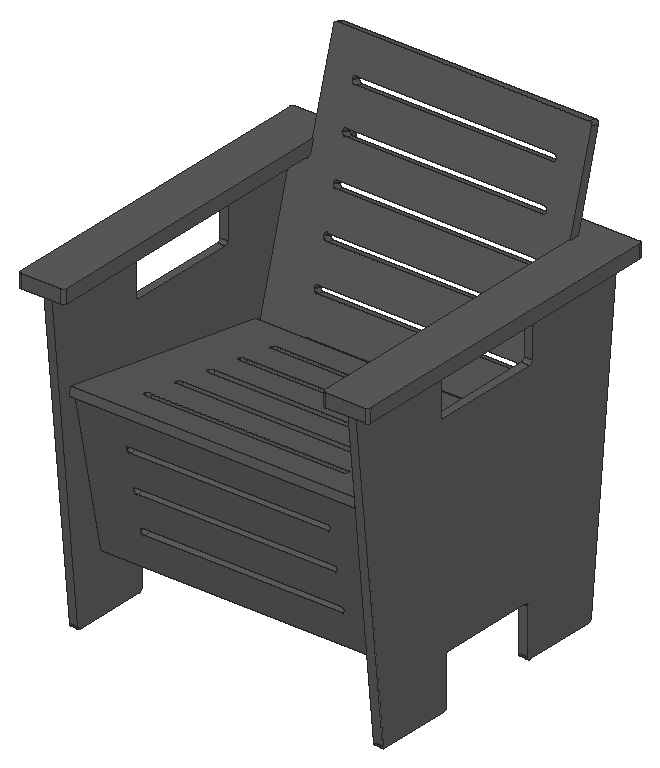
Revit family "Lollygagger Go Club Chair", category Furniture, Revit 2016
Family settings
  OmniClass Number = 23.40.20.00
  OmniClass Title = General Furniture and Specialties
  Work Plane-Based = No
  Always vertical = Yes
  Cut with Voids When Loaded = No
  Shared = No
  Room Calculation Point = No
Parameters (values of type "Loll-Black")
  Width = 2' - 2"  # constant formula
  URL = "https://lolldesigns.com/"
  Type Image = go_club chair.jpg
  Thick = 0' - 1"  # constant formula
  Model = ""
  Manufacturer = "Loll"  # constant formula
  Length = 2' - 2 5/8"  # constant formula
  Height Top = 2' - 1"  # constant formula
  Finish Material = Loll-Black
  Apron = 1' - 8"  # constant formula
Reference planes (in)
  plane 1 "Center Front/Back": y = 0
  plane 2: z = 0
  plane 3 "Center Left/Right": x = 0
  plane 4: z = 25
  plane 5: z = 24
  plane 6: y = 13
  plane 7: y = -13
  plane 8: z = 4
  plane 9: x = -13.3125
  plane 10: x = 13.3125
  plane 11: y = 9.97754
  plane 12: y = -9.97778
  plane 13: x = 11.875
  plane 14: x = 11.25
  plane 15: x = -11.875
  plane 16: x = -11.25
  plane 17: x = -9.8125
  plane 18: x = 9.8125
  plane 19: through (-60.54339, -180.30144, 46.90656) normal (0, 0.1736, 0.9848)
  plane 20: through (-60.54339, -180.40997, 46.29106) normal (0, 0.1736, 0.9848)
  plane 21: through (0, 12.64166, 32.11792) normal (0, -0.9613, 0.2756)
  plane 22: through (0, 13.24245, 31.94564) normal (0, -0.9613, 0.2756)
Forms (in)
  Extrusion 1, solid, material "Loll-Black" <- "Finish Material"
    sketch origin (8.0625, 0.28155, 0) x (1, 0, 0) y (0, 1, 0)
      loop
        arc (-21.1258, 12.71845) -> (-21.30201, 12.64546) -> (-21.375, 12.46925) r 0.2492
        line (-21.375, 12.46925) -> (-21.375, -13.03428)
        arc (-21.375, -13.03428) -> (-21.30258, -13.20912) -> (-21.12773, -13.28155) r 0.24727
        line (-21.12773, -13.28155) -> (-18.12227, -13.28155)
        arc (-18.12227, -13.28155) -> (-17.94742, -13.20912) -> (-17.875, -13.03428) r 0.24727
        line (-17.875, -13.03428) -> (-17.875, 10.72442)
        arc (-17.875, 10.72442) -> (-17.80178, 10.9012) -> (-17.625, 10.97442) r 0.25
        line (-17.625, 10.97442) -> (-16.625, 10.97442)
        arc (-16.625, 10.97442) -> (-16.44822, 11.04765) -> (-16.375, 11.22442) r 0.25
        line (-16.375, 11.22442) -> (-16.375, 12.46925)
        arc (-16.375, 12.46925) -> (-16.44799, 12.64546) -> (-16.6242, 12.71845) r 0.2492
        line (-16.6242, 12.71845) -> (-21.1258, 12.71845)
    from 24 to 25
  Extrusion 2, solid, material "Loll-Black" <- "Finish Material"
    sketch origin (0, 0, 0) x (0, 1, 0) y (0, 0, 1)
      loop
        arc (3.62002, 4) -> (3.80119, 3.92496) -> (3.87623, 3.74379) r 0.25621
        line (3.87623, 3.74379) -> (3.87623, 0.25097)
        arc (3.87623, 0.25097) -> (3.94973, 0.07351) -> (4.12719, 0) r 0.25097
        line (4.12719, 0) -> (9.65095, 0)
        arc (9.65095, 0) -> (9.82145, 0.06716) -> (9.90034, 0.23256) r 0.25
        line (9.90034, 0.23256) -> (12.375, 24) -> (4.37245, 24) -> (4.37245, 20.25)
        arc (4.37245, 20.25) -> (4.29923, 20.07322) -> (4.12245, 20) r 0.25
        line (4.12245, 20) -> (-4.12245, 20)
        arc (-4.12245, 20) -> (-4.29923, 20.07322) -> (-4.37245, 20.25) r 0.25
        line (-4.37245, 20.25) -> (-4.37245, 24) -> (-12.375, 24) -> (-9.90058, 0.23256)
        arc (-9.90058, 0.23256) -> (-9.82169, 0.06716) -> (-9.65119, 0) r 0.25
        line (-9.65119, 0) -> (-4.12444, 0)
        arc (-4.12444, 0) -> (-3.94893, 0.0727) -> (-3.87623, 0.24822) r 0.24822
        line (-3.87623, 0.24822) -> (-3.87623, 3.75027)
        arc (-3.87623, 3.75027) -> (-3.80308, 3.92686) -> (-3.6265, 4) r 0.24973
        line (-3.6265, 4) -> (3.62002, 4)
    from 11.25 to 11.875
  Extrusion 3, solid, material "Loll-Black" <- "Finish Material"
    sketch origin (-10.5, 0, 0) x (0, 1, 0) y (0, 0, 1)
      loop
        arc (3.62623, 4) -> (3.803, 3.92678) -> (3.87623, 3.75) r 0.25
        line (3.87623, 3.75) -> (3.87623, 0.25)
        arc (3.87623, 0.25) -> (3.94945, 0.07322) -> (4.12623, 0) r 0.25
        line (4.12623, 0) -> (9.65095, 0)
        arc (9.65095, 0) -> (9.82145, 0.06716) -> (9.90034, 0.23256) r 0.25
        line (9.90034, 0.23256) -> (12.375, 24) -> (4.37245, 24) -> (4.37245, 20.25)
        arc (4.37245, 20.25) -> (4.29923, 20.07322) -> (4.12245, 20) r 0.25
        line (4.12245, 20) -> (-4.12245, 20)
        arc (-4.12245, 20) -> (-4.29923, 20.07322) -> (-4.37245, 20.25) r 0.25
        line (-4.37245, 20.25) -> (-4.37245, 24) -> (-12.375, 24) -> (-9.90058, 0.23256)
        arc (-9.90058, 0.23256) -> (-9.82169, 0.06716) -> (-9.65119, 0) r 0.25
        line (-9.65119, 0) -> (-4.12623, 0)
        arc (-4.12623, 0) -> (-3.94945, 0.07322) -> (-3.87623, 0.25) r 0.25
        line (-3.87623, 0.25) -> (-3.87623, 3.75)
        arc (-3.87623, 3.75) -> (-3.803, 3.92678) -> (-3.62623, 4) r 0.25
        line (-3.62623, 4) -> (3.62623, 4)
    from -1.375 to -0.75
  Extrusion 4, solid, material "Loll-Black" <- "Finish Material"
    sketch origin (0, -9.06502, 9.31578) x (0, 0.207912, -0.978148) y (-1, 0, 0)
      loop
        line (4.90445, 11.25) -> (-7.10154, 11.25) -> (-7.10154, -11.25) -> (4.90445, -11.25) -> (4.90445, 11.25)
      loop
        arc (-0.8143, 7.4375) -> (-0.88752, 7.61428) -> (-1.0643, 7.6875) r 0.25
        line (-1.0643, 7.6875) -> (-1.10232, 7.6875)
        arc (-1.10232, 7.6875) -> (-1.2964, 7.60711) -> (-1.3768, 7.41302) r 0.27448
        line (-1.3768, 7.41302) -> (-1.3768, -7.5625)
        arc (-1.3768, -7.5625) -> (-1.30357, -7.73928) -> (-1.1268, -7.8125) r 0.25
        line (-1.1268, -7.8125) -> (-1.08954, -7.8125)
        arc (-1.08954, -7.8125) -> (-0.89491, -7.73188) -> (-0.8143, -7.53725) r 0.27525
        line (-0.8143, -7.53725) -> (-0.8143, 7.4375)
      loop
        arc (-3.95492, 7.4375) -> (-4.02814, 7.61428) -> (-4.20492, 7.6875) r 0.25
        line (-4.20492, 7.6875) -> (-4.24294, 7.6875)
        arc (-4.24294, 7.6875) -> (-4.43703, 7.60711) -> (-4.51742, 7.41302) r 0.27448
        line (-4.51742, 7.41302) -> (-4.51742, -7.5625)
        arc (-4.51742, -7.5625) -> (-4.4442, -7.73928) -> (-4.26742, -7.8125) r 0.25
        line (-4.26742, -7.8125) -> (-4.23017, -7.8125)
        arc (-4.23017, -7.8125) -> (-4.03554, -7.73188) -> (-3.95492, -7.53725) r 0.27525
        line (-3.95492, -7.53725) -> (-3.95492, 7.4375)
      loop
        line (2.05831, 7.6875) -> (1.97719, 7.6875)
        arc (1.97719, 7.6875) -> (1.82632, 7.62501) -> (1.76383, 7.47414) r 0.21336
        line (1.76383, 7.47414) -> (1.76383, -7.53372)
        arc (1.76383, -7.53372) -> (1.84548, -7.73085) -> (2.04261, -7.8125) r 0.27878
        line (2.04261, -7.8125) -> (2.07633, -7.8125)
        arc (2.07633, -7.8125) -> (2.25311, -7.73928) -> (2.32633, -7.5625) r 0.25
        line (2.32633, -7.5625) -> (2.32633, 7.41948)
        arc (2.32633, 7.41948) -> (2.24783, 7.609) -> (2.05831, 7.6875) r 0.26802
    from 0.86824 to 0.24324
  Extrusion 5, solid, material "Loll-Black" <- "Finish Material"
    sketch origin (-11.25, -0.70915, 13.53618) x (0, 0.213226, -0.977003) y (0, 0.977003, 0.213226)
      loop
        line (-2.24921, -8.18997) -> (4.75089, -8.18997) -> (4.75451, -7.52421)
        arc (4.75451, -7.52421) -> (4.50065, -6.9018) -> (3.88105, -6.6412) r 0.87825
        line (3.88105, -6.6412) -> (-1.36513, -6.61268)
        arc (-1.36513, -6.61268) -> (-1.98559, -6.86574) -> (-2.24537, -7.4834) r 0.8755
        line (-2.24537, -7.4834) -> (-2.24921, -8.18997)
      loop
        circle (-0.74227, -7.2394) r 0.15567
      loop
        circle (3.25767, -7.26114) r 0.15567
    from 0 to 0.625
  Extrusion 6, solid, material "Loll-Black" <- "Finish Material"
    sketch origin (-11.5, 5.46875, 16) x (1, 0, 0) y (0, -1, 0)
      loop
        line (0.44239, 15.2162) -> (-0.55971, 15.2162)
        arc (-0.55971, 15.2162) -> (-1.1804, 14.9591) -> (-1.4375, 14.33841) r 0.87779
        line (-1.4375, 14.33841) -> (-1.4375, 13.33174)
        arc (-1.4375, 13.33174) -> (-1.18399, 12.71971) -> (-0.57196, 12.4662) r 0.86554
        line (-0.57196, 12.4662) -> (0.44086, 12.4662)
        arc (0.44086, 12.4662) -> (1.0572, 12.7215) -> (1.3125, 13.33784) r 0.87164
        line (1.3125, 13.33784) -> (1.3125, 14.34609)
        arc (1.3125, 14.34609) -> (1.05765, 14.96135) -> (0.44239, 15.2162) r 0.87011
      loop
        circle (0.81039, 13.83944) r 0.15388
      loop
        circle (-0.93539, 13.83944) r 0.15388
    from -8 to -7.75
  Extrusion 7, solid, material "Loll-Black" <- "Finish Material"
    sketch origin (-8.0625, 0.28155, 0) x (-1, 0, 0) y (0, -1, 0)
      loop
        line (-21.1258, -12.71845) -> (-16.6242, -12.71845)
        arc (-16.6242, -12.71845) -> (-16.44799, -12.64546) -> (-16.375, -12.46925) r 0.2492
        line (-16.375, -12.46925) -> (-16.375, -11.22442)
        arc (-16.375, -11.22442) -> (-16.44822, -11.04765) -> (-16.625, -10.97442) r 0.25
        line (-16.625, -10.97442) -> (-17.625, -10.97442)
        arc (-17.625, -10.97442) -> (-17.80178, -10.9012) -> (-17.875, -10.72442) r 0.25
        line (-17.875, -10.72442) -> (-17.875, 13.03428)
        arc (-17.875, 13.03428) -> (-17.94742, 13.20912) -> (-18.12227, 13.28155) r 0.24727
        line (-18.12227, 13.28155) -> (-21.12773, 13.28155)
        arc (-21.12773, 13.28155) -> (-21.30258, 13.20912) -> (-21.375, 13.03428) r 0.24727
        line (-21.375, 13.03428) -> (-21.375, -12.46925)
        arc (-21.375, -12.46925) -> (-21.30201, -12.64546) -> (-21.1258, -12.71845) r 0.2492
    from 24 to 25
  Extrusion 8, solid, material "Loll-Black" <- "Finish Material"
    sketch origin (21.6575, -11.94341, 4.54353) x (1, 0, 0) y (0, 0.984808, -0.173648)
      loop
        line (-32.9075, 16.82099) -> (-32.9075, -0.92901) -> (-10.4075, -0.92901) -> (-10.4075, 16.82099) -> (-32.9075, 16.82099)
      loop
        line (-14.1575, 2.12307) -> (-29.1575, 2.12307)
        arc (-29.1575, 2.12307) -> (-29.33428, 2.04985) -> (-29.4075, 1.87307) r 0.25
        line (-29.4075, 1.87307) -> (-29.4075, 1.81057)
        arc (-29.4075, 1.81057) -> (-29.33428, 1.6338) -> (-29.1575, 1.56057) r 0.25
        line (-29.1575, 1.56057) -> (-14.1575, 1.56057)
        arc (-14.1575, 1.56057) -> (-13.98072, 1.6338) -> (-13.9075, 1.81057) r 0.25
        line (-13.9075, 1.81057) -> (-13.9075, 1.87307)
        arc (-13.9075, 1.87307) -> (-13.98072, 2.04985) -> (-14.1575, 2.12307) r 0.25
      loop
        line (-29.1575, 4.61266) -> (-14.1575, 4.61266)
        arc (-14.1575, 4.61266) -> (-13.98072, 4.68588) -> (-13.9075, 4.86266) r 0.25
        line (-13.9075, 4.86266) -> (-13.9075, 4.92516)
        arc (-13.9075, 4.92516) -> (-13.98072, 5.10193) -> (-14.1575, 5.17516) r 0.25
        line (-14.1575, 5.17516) -> (-29.1575, 5.17516)
        arc (-29.1575, 5.17516) -> (-29.33428, 5.10193) -> (-29.4075, 4.92516) r 0.25
        line (-29.4075, 4.92516) -> (-29.4075, 4.86266)
        arc (-29.4075, 4.86266) -> (-29.33428, 4.68588) -> (-29.1575, 4.61266) r 0.25
      loop
        line (-29.1575, 7.66474) -> (-14.1575, 7.66474)
        arc (-14.1575, 7.66474) -> (-13.98072, 7.73796) -> (-13.9075, 7.91474) r 0.25
        line (-13.9075, 7.91474) -> (-13.9075, 7.97724)
        arc (-13.9075, 7.97724) -> (-13.98072, 8.15402) -> (-14.1575, 8.22724) r 0.25
        line (-14.1575, 8.22724) -> (-29.1575, 8.22724)
        arc (-29.1575, 8.22724) -> (-29.33428, 8.15402) -> (-29.4075, 7.97724) r 0.25
        line (-29.4075, 7.97724) -> (-29.4075, 7.91474)
        arc (-29.4075, 7.91474) -> (-29.33428, 7.73796) -> (-29.1575, 7.66474) r 0.25
      loop
        line (-29.1575, 10.71682) -> (-14.1575, 10.71682)
        arc (-14.1575, 10.71682) -> (-13.98072, 10.79005) -> (-13.9075, 10.96682) r 0.25
        line (-13.9075, 10.96682) -> (-13.9075, 11.02932)
        arc (-13.9075, 11.02932) -> (-13.98072, 11.2061) -> (-14.1575, 11.27932) r 0.25
        line (-14.1575, 11.27932) -> (-29.1575, 11.27932)
        arc (-29.1575, 11.27932) -> (-29.33428, 11.2061) -> (-29.4075, 11.02932) r 0.25
        line (-29.4075, 11.02932) -> (-29.4075, 10.96682)
        arc (-29.4075, 10.96682) -> (-29.33428, 10.79005) -> (-29.1575, 10.71682) r 0.25
      loop
        line (-29.1575, 13.76891) -> (-14.1575, 13.76891)
        arc (-14.1575, 13.76891) -> (-13.98072, 13.84213) -> (-13.9075, 14.01891) r 0.25
        line (-13.9075, 14.01891) -> (-13.9075, 14.08141)
        arc (-13.9075, 14.08141) -> (-13.98072, 14.25818) -> (-14.1575, 14.33141) r 0.25
        line (-14.1575, 14.33141) -> (-29.1575, 14.33141)
        arc (-29.1575, 14.33141) -> (-29.33428, 14.25818) -> (-29.4075, 14.08141) r 0.25
        line (-29.4075, 14.08141) -> (-29.4075, 14.01891)
        arc (-29.4075, 14.01891) -> (-29.33428, 13.84213) -> (-29.1575, 13.76891) r 0.25
    from 11.85938 to 12.48438
  Extrusion 9, solid, material "Loll-Black" <- "Finish Material"
    sketch origin (-11.25, -1.5025, 12.43328) x (0, -0.275637, -0.961262) y (0, 0.961262, -0.275637)
      loop
        line (-2.24911, 8.17041) -> (-2.24527, 7.46448)
        arc (-2.24527, 7.46448) -> (-1.98548, 6.84682) -> (-1.36503, 6.59376) r 0.8755
        line (-1.36503, 6.59376) -> (3.88115, 6.62228)
        arc (3.88115, 6.62228) -> (4.50076, 6.88288) -> (4.75461, 7.50529) r 0.87825
        line (4.75461, 7.50529) -> (4.75099, 8.17041) -> (-2.24911, 8.17041)
      loop
        circle (-0.74227, 7.2394) r 0.15567
      loop
        circle (3.25767, 7.26114) r 0.15567
    from 0 to 0.625
  Extrusion 10, solid, material "Loll-Black" <- "Finish Material"
    sketch origin (-11.25, -2.25088, 6.54989) x (0, -0.984808, 0.173648) y (0, -0.173648, -0.984808)
      loop
        line (-2.24382, -8.20041) -> (4.75628, -8.20041) -> (4.7597, -7.57211)
        arc (4.7597, -7.57211) -> (4.50585, -6.94971) -> (3.88624, -6.6891) r 0.87825
        line (3.88624, -6.6891) -> (-1.35994, -6.66058)
        arc (-1.35994, -6.66058) -> (-1.98039, -6.91364) -> (-2.24018, -7.53131) r 0.8755
        line (-2.24018, -7.53131) -> (-2.24382, -8.20041)
      loop
        circle (-0.73698, -7.2694) r 0.15567
      loop
        circle (3.26296, -7.29114) r 0.15567
    from 0 to 0.625
  Extrusion 11, solid, material "Loll-Black" <- "Finish Material"
    sketch origin (-11.5, 21.33866, 16) x (1, 0, 0) y (0, -1, 0)
      loop
        line (0.44239, 15.2162) -> (-0.55971, 15.2162)
        arc (-0.55971, 15.2162) -> (-1.1804, 14.9591) -> (-1.4375, 14.33841) r 0.87779
        line (-1.4375, 14.33841) -> (-1.4375, 13.33174)
        arc (-1.4375, 13.33174) -> (-1.18399, 12.71971) -> (-0.57196, 12.4662) r 0.86554
        line (-0.57196, 12.4662) -> (0.44086, 12.4662)
        arc (0.44086, 12.4662) -> (1.0572, 12.7215) -> (1.3125, 13.33784) r 0.87164
        line (1.3125, 13.33784) -> (1.3125, 14.34609)
        arc (1.3125, 14.34609) -> (1.05765, 14.96135) -> (0.44239, 15.2162) r 0.87011
      loop
        circle (0.81039, 13.83944) r 0.15388
      loop
        circle (-0.93539, 13.83944) r 0.15388
    from -8 to -7.75
  Extrusion 12, solid, material "Loll-Black" <- "Finish Material"
    sketch origin (11.5, 5.46875, 16) x (1, 0, 0) y (0, -1, 0)
      loop
        arc (-0.44239, 15.2162) -> (-1.05765, 14.96135) -> (-1.3125, 14.34609) r 0.87011
        line (-1.3125, 14.34609) -> (-1.3125, 13.33784)
        arc (-1.3125, 13.33784) -> (-1.0572, 12.7215) -> (-0.44086, 12.4662) r 0.87164
        line (-0.44086, 12.4662) -> (0.57196, 12.4662)
        arc (0.57196, 12.4662) -> (1.18399, 12.71971) -> (1.4375, 13.33174) r 0.86554
        line (1.4375, 13.33174) -> (1.4375, 14.33841)
        arc (1.4375, 14.33841) -> (1.1804, 14.9591) -> (0.55971, 15.2162) r 0.87779
        line (0.55971, 15.2162) -> (-0.44239, 15.2162)
      loop
        circle (-0.81039, 13.83944) r 0.15388
      loop
        circle (0.93539, 13.83944) r 0.15388
    from -8 to -7.75
  Extrusion 13, solid, material "Loll-Black" <- "Finish Material"
    sketch origin (11.5, 21.33866, 16) x (1, 0, 0) y (0, -1, 0)
      loop
        arc (-0.44239, 15.2162) -> (-1.05765, 14.96135) -> (-1.3125, 14.34609) r 0.87011
        line (-1.3125, 14.34609) -> (-1.3125, 13.33784)
        arc (-1.3125, 13.33784) -> (-1.0572, 12.7215) -> (-0.44086, 12.4662) r 0.87164
        line (-0.44086, 12.4662) -> (0.57196, 12.4662)
        arc (0.57196, 12.4662) -> (1.18399, 12.71971) -> (1.4375, 13.33174) r 0.86554
        line (1.4375, 13.33174) -> (1.4375, 14.33841)
        arc (1.4375, 14.33841) -> (1.1804, 14.9591) -> (0.55971, 15.2162) r 0.87779
        line (0.55971, 15.2162) -> (-0.44239, 15.2162)
      loop
        circle (-0.81039, 13.83944) r 0.15388
      loop
        circle (0.93539, 13.83944) r 0.15388
    from -8 to -7.75
  Extrusion 14, solid, material "Loll-Black" <- "Finish Material"
    sketch origin (0, 5.96335, 5.67793) x (0, -0.275637, -0.961262) y (1, 0, 0)
      loop
        line (1.74346, -11.25) -> (1.74346, 11.25) -> (-18.54654, 11.25) -> (-18.54654, 9.8125) -> (-27.00654, 9.8125)
        arc (-27.00654, 9.8125) -> (-27.18332, 9.73928) -> (-27.25654, 9.5625) r 0.25
        line (-27.25654, 9.5625) -> (-27.25654, -9.5625)
        arc (-27.25654, -9.5625) -> (-27.18332, -9.73928) -> (-27.00654, -9.8125) r 0.25
        line (-27.00654, -9.8125) -> (-18.54654, -9.8125) -> (-18.54654, -11.25) -> (1.74346, -11.25)
      loop
        line (-4.82598, 7.47036) -> (-4.82598, -7.5)
        arc (-4.82598, -7.5) -> (-4.75276, -7.67678) -> (-4.57598, -7.75) r 0.25
        line (-4.57598, -7.75) -> (-4.51348, -7.75)
        arc (-4.51348, -7.75) -> (-4.33671, -7.67678) -> (-4.26348, -7.5) r 0.25
        line (-4.26348, -7.5) -> (-4.26348, 7.5)
        arc (-4.26348, 7.5) -> (-4.33671, 7.67678) -> (-4.51348, 7.75) r 0.25
        line (-4.51348, 7.75) -> (-4.54634, 7.75)
        arc (-4.54634, 7.75) -> (-4.74408, 7.66809) -> (-4.82598, 7.47036) r 0.27964
      loop
        line (-1.54126, 7.47201) -> (-1.54126, -7.5)
        arc (-1.54126, -7.5) -> (-1.46804, -7.67678) -> (-1.29126, -7.75) r 0.25
        line (-1.29126, -7.75) -> (-1.22876, -7.75)
        arc (-1.22876, -7.75) -> (-1.05198, -7.67678) -> (-0.97876, -7.5) r 0.25
        line (-0.97876, -7.5) -> (-0.97876, 7.54138)
        arc (-0.97876, 7.54138) -> (-1.03986, 7.6889) -> (-1.18738, 7.75) r 0.20862
        line (-1.18738, 7.75) -> (-1.26327, 7.75)
        arc (-1.26327, 7.75) -> (-1.45984, 7.66858) -> (-1.54126, 7.47201) r 0.27799
      loop
        arc (-7.48571, 7.54138) -> (-7.54681, 7.6889) -> (-7.69432, 7.75) r 0.20862
        line (-7.69432, 7.75) -> (-7.77021, 7.75)
        arc (-7.77021, 7.75) -> (-7.96678, 7.66858) -> (-8.04821, 7.47201) r 0.27799
        line (-8.04821, 7.47201) -> (-8.04821, -7.5)
        arc (-8.04821, -7.5) -> (-7.97498, -7.67678) -> (-7.79821, -7.75) r 0.25
        line (-7.79821, -7.75) -> (-7.73571, -7.75)
        arc (-7.73571, -7.75) -> (-7.55893, -7.67678) -> (-7.48571, -7.5) r 0.25
        line (-7.48571, -7.5) -> (-7.48571, 7.54138)
      loop
        arc (-10.83293, 7.54138) -> (-10.89403, 7.6889) -> (-11.04154, 7.75) r 0.20862
        line (-11.04154, 7.75) -> (-11.11744, 7.75)
        arc (-11.11744, 7.75) -> (-11.31401, 7.66858) -> (-11.39543, 7.47201) r 0.27799
        line (-11.39543, 7.47201) -> (-11.39543, -7.5)
        arc (-11.39543, -7.5) -> (-11.3222, -7.67678) -> (-11.14543, -7.75) r 0.25
        line (-11.14543, -7.75) -> (-11.08293, -7.75)
        arc (-11.08293, -7.75) -> (-10.90615, -7.67678) -> (-10.83293, -7.5) r 0.25
        line (-10.83293, -7.5) -> (-10.83293, 7.54138)
      loop
        arc (-14.11765, 7.54138) -> (-14.17875, 7.6889) -> (-14.32627, 7.75) r 0.20862
        line (-14.32627, 7.75) -> (-14.40216, 7.75)
        arc (-14.40216, 7.75) -> (-14.59873, 7.66858) -> (-14.68015, 7.47201) r 0.27799
        line (-14.68015, 7.47201) -> (-14.68015, -7.5)
        arc (-14.68015, -7.5) -> (-14.60693, -7.67678) -> (-14.43015, -7.75) r 0.25
        line (-14.43015, -7.75) -> (-14.36765, -7.75)
        arc (-14.36765, -7.75) -> (-14.19087, -7.67678) -> (-14.11765, -7.5) r 0.25
        line (-14.11765, -7.5) -> (-14.11765, 7.54138)
      loop
        arc (-17.40237, 7.54138) -> (-17.46347, 7.6889) -> (-17.61099, 7.75) r 0.20862
        line (-17.61099, 7.75) -> (-17.68688, 7.75)
        arc (-17.68688, 7.75) -> (-17.88345, 7.66858) -> (-17.96487, 7.47201) r 0.27799
        line (-17.96487, 7.47201) -> (-17.96487, -7.5)
        arc (-17.96487, -7.5) -> (-17.89165, -7.67678) -> (-17.71487, -7.75) r 0.25
        line (-17.71487, -7.75) -> (-17.65237, -7.75)
        arc (-17.65237, -7.75) -> (-17.4756, -7.67678) -> (-17.40237, -7.5) r 0.25
        line (-17.40237, -7.5) -> (-17.40237, 7.54138)
      loop
        arc (-20.68709, 7.54138) -> (-20.7482, 7.6889) -> (-20.89571, 7.75) r 0.20862
        line (-20.89571, 7.75) -> (-20.9716, 7.75)
        arc (-20.9716, 7.75) -> (-21.16817, 7.66858) -> (-21.24959, 7.47201) r 0.27799
        line (-21.24959, 7.47201) -> (-21.24959, -7.5)
        arc (-21.24959, -7.5) -> (-21.17637, -7.67678) -> (-20.99959, -7.75) r 0.25
        line (-20.99959, -7.75) -> (-20.93709, -7.75)
        arc (-20.93709, -7.75) -> (-20.76032, -7.67678) -> (-20.68709, -7.5) r 0.25
        line (-20.68709, -7.5) -> (-20.68709, 7.54138)
      loop
        arc (-23.97182, 7.54138) -> (-24.03292, 7.6889) -> (-24.18043, 7.75) r 0.20862
        line (-24.18043, 7.75) -> (-24.25632, 7.75)
        arc (-24.25632, 7.75) -> (-24.45289, 7.66858) -> (-24.53432, 7.47201) r 0.27799
        line (-24.53432, 7.47201) -> (-24.53432, -7.5)
        arc (-24.53432, -7.5) -> (-24.46109, -7.67678) -> (-24.28432, -7.75) r 0.25
        line (-24.28432, -7.75) -> (-24.22182, -7.75)
        arc (-24.22182, -7.75) -> (-24.04504, -7.67678) -> (-23.97182, -7.5) r 0.25
        line (-23.97182, -7.5) -> (-23.97182, 7.54138)
    from 0.86824 to 0.24324
  Extrusion 15, solid, material "Loll-Black" <- "Finish Material"
    sketch origin (0.03, 4.60339, 11.95468) x (1, 0, 0) y (0, -0.173648, -0.984808)
      loop
        line (-11.28, -1.875) -> (11.22, -1.875) -> (11.22, 1.875) -> (-11.28, 1.875) -> (-11.28, -1.875)
    from 0 to -0.625
  Extrusion 16, solid, material "Loll-Black" <- "Finish Material"
    sketch origin (11.25, -0.70915, 13.53618) x (0, 0.213226, -0.977003) y (0, -0.977003, -0.213226)
      loop
        line (-2.24921, 8.18997) -> (-2.24537, 7.4834)
        arc (-2.24537, 7.4834) -> (-1.98559, 6.86574) -> (-1.36513, 6.61268) r 0.8755
        line (-1.36513, 6.61268) -> (3.88105, 6.6412)
        arc (3.88105, 6.6412) -> (4.50065, 6.9018) -> (4.75451, 7.52421) r 0.87825
        line (4.75451, 7.52421) -> (4.75089, 8.18997) -> (-2.24921, 8.18997)
      loop
        circle (-0.74227, 7.2394) r 0.15567
      loop
        circle (3.25767, 7.26114) r 0.15567
    from 0 to 0.625
  Extrusion 17, solid, material "Loll-Black" <- "Finish Material"
    sketch origin (11.25, -1.5025, 12.43328) x (0, -0.275637, -0.961262) y (0, -0.961262, 0.275637)
      loop
        line (-2.24911, -8.17041) -> (4.75099, -8.17041) -> (4.75461, -7.50529)
        arc (4.75461, -7.50529) -> (4.50076, -6.88288) -> (3.88115, -6.62228) r 0.87825
        line (3.88115, -6.62228) -> (-1.36503, -6.59376)
        arc (-1.36503, -6.59376) -> (-1.98548, -6.84682) -> (-2.24527, -7.46448) r 0.8755
        line (-2.24527, -7.46448) -> (-2.24911, -8.17041)
      loop
        circle (-0.74227, -7.2394) r 0.15567
      loop
        circle (3.25767, -7.26114) r 0.15567
    from 0 to 0.625
  Extrusion 18, solid, material "Loll-Black" <- "Finish Material"
    sketch origin (11.25, -2.25088, 6.54989) x (0, -0.984808, 0.173648) y (0, 0.173648, 0.984808)
      loop
        line (-2.24382, 8.20041) -> (-2.24018, 7.53131)
        arc (-2.24018, 7.53131) -> (-1.98039, 6.91364) -> (-1.35994, 6.66058) r 0.8755
        line (-1.35994, 6.66058) -> (3.88624, 6.6891)
        arc (3.88624, 6.6891) -> (4.50585, 6.94971) -> (4.7597, 7.57211) r 0.87825
        line (4.7597, 7.57211) -> (4.75628, 8.20041) -> (-2.24382, 8.20041)
      loop
        circle (-0.73698, 7.2694) r 0.15567
      loop
        circle (3.26296, 7.29114) r 0.15567
    from 0 to 0.625
Lines and regions (in)
  Masking region 1
    outline origin (0, 0, 0) x (1, 0, 0) y (0, 0, 1)
      loop
        line (-8.3125, 25) -> (-13.3125, 25) -> (-13.3125, 24) -> (-8.3125, 24) -> (-8.3125, 25)
      loop
        line (13.3125, 24) -> (13.3125, 25) -> (8.3125, 25) -> (8.3125, 24) -> (13.3125, 24)
  Masking region 2
    outline origin (0, 0, 0) x (0, 1, 0) y (0, 0, 1)
      loop
        line (13, 25) -> (-13, 25) -> (-13, 24) -> (13, 24) -> (13, 25)
  Masking region 3
    outline origin (0, 0, 0) x (0, 1, 0) y (0, 0, 1)
      loop
        line (-9.65119, 0) -> (-4.12623, 0)
        arc (-4.12623, 0) -> (-3.94945, 0.07322) -> (-3.87623, 0.25) r 0.25
        line (-3.87623, 0.25) -> (-3.87623, 3.75)
        arc (-3.87623, 3.75) -> (-3.803, 3.92678) -> (-3.62623, 4) r 0.25
        line (-3.62623, 4) -> (3.62623, 4)
        arc (3.62623, 4) -> (3.803, 3.92678) -> (3.87623, 3.75) r 0.25
        line (3.87623, 3.75) -> (3.87623, 0.25)
        arc (3.87623, 0.25) -> (3.94945, 0.07322) -> (4.12623, 0) r 0.25
        line (4.12623, 0) -> (9.65095, 0)
        arc (9.65095, 0) -> (9.82145, 0.06716) -> (9.90034, 0.23256) r 0.25
        line (9.90034, 0.23256) -> (12.375, 24) -> (4.37245, 24) -> (4.37245, 20.25)
        arc (4.37245, 20.25) -> (4.29923, 20.07322) -> (4.12245, 20) r 0.25
        line (4.12245, 20) -> (-4.12245, 20)
        arc (-4.12245, 20) -> (-4.29923, 20.07322) -> (-4.37245, 20.25) r 0.25
        line (-4.37245, 20.25) -> (-4.37245, 24) -> (-12.375, 24) -> (-9.90058, 0.23256)
        arc (-9.90058, 0.23256) -> (-9.82169, 0.06716) -> (-9.65119, 0) r 0.25
      loop
        line (12.64166, 32.11792) -> (10.60063, 25) -> (11.25082, 25) -> (13.24245, 31.94564) -> (12.64166, 32.11792)
  Masking region 4
    outline origin (0, 0, 0) x (1, 0, 0) y (0, 1, 0)
      loop
        arc (-9.8125, 12.7508) -> (-9.88549, 12.92701) -> (-10.0617, 13) r 0.2492
        line (-10.0617, 13) -> (-13.0633, 13)
        arc (-13.0633, 13) -> (-13.23951, 12.92701) -> (-13.3125, 12.7508) r 0.2492
        line (-13.3125, 12.7508) -> (-13.3125, -12.75)
        arc (-13.3125, -12.75) -> (-13.23928, -12.92678) -> (-13.0625, -13) r 0.25
        line (-13.0625, -13) -> (-10.0625, -13)
        arc (-10.0625, -13) -> (-9.88572, -12.92678) -> (-9.8125, -12.75) r 0.25
        line (-9.8125, -12.75) -> (-9.8125, 12.7508)
      loop
        line (9.8125, 12.75) -> (9.8125, -12.75)
        arc (9.8125, -12.75) -> (9.88572, -12.92678) -> (10.0625, -13) r 0.25
        line (10.0625, -13) -> (13.0625, -13)
        arc (13.0625, -13) -> (13.23928, -12.92678) -> (13.3125, -12.75) r 0.25
        line (13.3125, -12.75) -> (13.3125, 12.75)
        arc (13.3125, 12.75) -> (13.23928, 12.92678) -> (13.0625, 13) r 0.25
        line (13.0625, 13) -> (10.0625, 13)
        arc (10.0625, 13) -> (9.88572, 12.92678) -> (9.8125, 12.75) r 0.25
  Masking region 5
    outline origin (0, 0, 0) x (1, 0, 0) y (0, 0, 1)
      loop
        line (12.9375, 24) -> (11.25, 24) -> (11.25, 0) -> (11.875, 0) -> (11.875, 23.75) -> (12.9375, 23.75) -> (12.9375, 24)
      loop
        line (-12.9375, 24) -> (-12.9375, 23.75) -> (-11.875, 23.75) -> (-11.875, 0) -> (-11.25, 0) -> (-11.25, 23.75) -> (-9.68865, 23.75) -> (-9.68865, 24) -> (-12.9375, 24)
  Masking region 6
    outline origin (0, 0, 0) x (1, 0, 0) y (0, 0, 1)
      loop
        line (9.8125, 23.75) -> (9.8125, 31.86792)
        arc (9.8125, 31.86792) -> (9.73928, 32.04469) -> (9.5625, 32.11792) r 0.25
        line (9.5625, 32.11792) -> (-9.5625, 32.11792)
        arc (-9.5625, 32.11792) -> (-9.73928, 32.04469) -> (-9.8125, 31.86792) r 0.25
        line (-9.8125, 31.86792) -> (-9.8125, 23.75) -> (-11.25, 23.75) -> (-11.25, 4.06906) -> (11.25, 4.06906) -> (11.25, 23.75) -> (9.8125, 23.75)
      loop
        spline (7.54138, 19.48801) -> (7.56462, 19.48925) -> (7.58756, 19.49298) -> (7.60992, 19.49914) -> (7.63144, 19.50765) -> (7.65183, 19.51842) -> (7.67085, 19.5313) -> (7.68826, 19.54613) -> (7.70385, 19.56274) -> (7.71741, 19.58091) -> (7.72878, 19.60043) -> (7.73782, 19.62103) -> (7.74442, 19.64248)
        spline (7.74442, 19.64248) -> (7.73634, 19.67197) -> (7.72481, 19.70038) -> (7.70999, 19.72734) -> (7.69207, 19.7525) -> (7.67128, 19.77554) -> (7.6479, 19.79615) -> (7.62223, 19.81407) -> (7.5946, 19.82905) -> (7.56538, 19.84092) -> (7.53494, 19.84951) -> (7.50368, 19.8547) -> (7.47201, 19.85644)
        line (7.47201, 19.85644) -> (-7.5, 19.85644)
        spline (-7.5, 19.85644) -> (-7.52776, 19.85496) -> (-7.55517, 19.85052) -> (-7.58191, 19.84318) -> (-7.60763, 19.83303) -> (-7.63202, 19.8202) -> (-7.65477, 19.80485) -> (-7.67562, 19.78716) -> (-7.69429, 19.76736) -> (-7.71056, 19.74569) -> (-7.72422, 19.72241) -> (-7.73511, 19.69782) -> (-7.74309, 19.67223)
        spline (-7.74309, 19.67223) -> (-7.73511, 19.64663) -> (-7.72422, 19.62204) -> (-7.71056, 19.59876) -> (-7.69429, 19.57709) -> (-7.67562, 19.55729) -> (-7.65477, 19.5396) -> (-7.63202, 19.52425) -> (-7.60763, 19.51142) -> (-7.58191, 19.50127) -> (-7.55517, 19.49393) -> (-7.52776, 19.48949) -> (-7.5, 19.48801)
        line (-7.5, 19.48801) -> (7.54138, 19.48801)
      loop
        spline (7.54138, 22.64548) -> (7.56462, 22.64673) -> (7.58756, 22.65046) -> (7.60992, 22.65662) -> (7.63144, 22.66513) -> (7.65183, 22.6759) -> (7.67085, 22.68878) -> (7.68826, 22.70361) -> (7.70385, 22.72022) -> (7.71741, 22.73839) -> (7.72878, 22.7579) -> (7.73782, 22.77851) -> (7.74442, 22.79996)
        spline (7.74442, 22.79996) -> (7.73634, 22.82945) -> (7.72481, 22.85785) -> (7.70999, 22.88482) -> (7.69207, 22.90998) -> (7.67128, 22.93302) -> (7.6479, 22.95363) -> (7.62223, 22.97154) -> (7.5946, 22.98653) -> (7.56538, 22.9984) -> (7.53494, 23.00698) -> (7.50368, 23.01218) -> (7.47201, 23.01392)
        line (7.47201, 23.01392) -> (-7.5, 23.01392)
        spline (-7.5, 23.01392) -> (-7.52776, 23.01243) -> (-7.55517, 23.008) -> (-7.58191, 23.00066) -> (-7.60763, 22.99051) -> (-7.63202, 22.97768) -> (-7.65477, 22.96233) -> (-7.67562, 22.94464) -> (-7.69429, 22.92484) -> (-7.71056, 22.90317) -> (-7.72422, 22.87989) -> (-7.73511, 22.8553) -> (-7.74309, 22.8297)
        spline (-7.74309, 22.8297) -> (-7.73511, 22.8041) -> (-7.72422, 22.77951) -> (-7.71056, 22.75624) -> (-7.69429, 22.73457) -> (-7.67562, 22.71476) -> (-7.65477, 22.69708) -> (-7.63202, 22.68172) -> (-7.60763, 22.6689) -> (-7.58191, 22.65875) -> (-7.55517, 22.65141) -> (-7.52776, 22.64697) -> (-7.5, 22.64548)
        line (-7.5, 22.64548) -> (7.54138, 22.64548)
      loop
        spline (7.54138, 25.80296) -> (7.56462, 25.80421) -> (7.58756, 25.80794) -> (7.60992, 25.81409) -> (7.63144, 25.82261) -> (7.65183, 25.83337) -> (7.67085, 25.84625) -> (7.68826, 25.86109) -> (7.70385, 25.8777) -> (7.71741, 25.89587) -> (7.72878, 25.91538) -> (7.73782, 25.93599) -> (7.74442, 25.95744)
        spline (7.74442, 25.95744) -> (7.73634, 25.98692) -> (7.72481, 26.01533) -> (7.70999, 26.04229) -> (7.69207, 26.06746) -> (7.67128, 26.0905) -> (7.6479, 26.11111) -> (7.62223, 26.12902) -> (7.5946, 26.14401) -> (7.56538, 26.15587) -> (7.53494, 26.16446) -> (7.50368, 26.16966) -> (7.47201, 26.1714)
        line (7.47201, 26.1714) -> (-7.5, 26.1714)
        spline (-7.5, 26.1714) -> (-7.52776, 26.16991) -> (-7.55517, 26.16547) -> (-7.58191, 26.15813) -> (-7.60763, 26.14799) -> (-7.63202, 26.13516) -> (-7.65477, 26.11981) -> (-7.67562, 26.10212) -> (-7.69429, 26.08232) -> (-7.71056, 26.06064) -> (-7.72422, 26.03737) -> (-7.73511, 26.01278) -> (-7.74309, 25.98718)
        spline (-7.74309, 25.98718) -> (-7.73511, 25.96158) -> (-7.72422, 25.93699) -> (-7.71056, 25.91372) -> (-7.69429, 25.89204) -> (-7.67562, 25.87224) -> (-7.65477, 25.85455) -> (-7.63202, 25.8392) -> (-7.60763, 25.82637) -> (-7.58191, 25.81623) -> (-7.55517, 25.80889) -> (-7.52776, 25.80445) -> (-7.5, 25.80296)
        line (-7.5, 25.80296) -> (7.54138, 25.80296)
      loop
        spline (7.54138, 28.96044) -> (7.56462, 28.96169) -> (7.58756, 28.96541) -> (7.60992, 28.97157) -> (7.63144, 28.98009) -> (7.65183, 28.99085) -> (7.67085, 29.00373) -> (7.68826, 29.01857) -> (7.70385, 29.03518) -> (7.71741, 29.05335) -> (7.72878, 29.07286) -> (7.73782, 29.09347) -> (7.74442, 29.11491)
        spline (7.74442, 29.11491) -> (7.73634, 29.1444) -> (7.72481, 29.17281) -> (7.70999, 29.19977) -> (7.69207, 29.22494) -> (7.67128, 29.24797) -> (7.6479, 29.26858) -> (7.62223, 29.2865) -> (7.5946, 29.30149) -> (7.56538, 29.31335) -> (7.53494, 29.32194) -> (7.50368, 29.32714) -> (7.47201, 29.32888)
        line (7.47201, 29.32888) -> (-7.5, 29.32888)
        spline (-7.5, 29.32888) -> (-7.52776, 29.32739) -> (-7.55517, 29.32295) -> (-7.58191, 29.31561) -> (-7.60763, 29.30547) -> (-7.63202, 29.29264) -> (-7.65477, 29.27728) -> (-7.67562, 29.2596) -> (-7.69429, 29.23979) -> (-7.71056, 29.21812) -> (-7.72422, 29.19485) -> (-7.73511, 29.17026) -> (-7.74309, 29.14466)
        spline (-7.74309, 29.14466) -> (-7.73511, 29.11906) -> (-7.72422, 29.09447) -> (-7.71056, 29.07119) -> (-7.69429, 29.04952) -> (-7.67562, 29.02972) -> (-7.65477, 29.01203) -> (-7.63202, 28.99668) -> (-7.60763, 28.98385) -> (-7.58191, 28.9737) -> (-7.55517, 28.96637) -> (-7.52776, 28.96193) -> (-7.5, 28.96044)
        line (-7.5, 28.96044) -> (7.54138, 28.96044)
  Masking region 7
    outline origin (0, 0, 0) x (1, 0, 0) y (0, 1, 0)
      loop
        line (-9.8125, 13.17874) -> (-9.8125, -10.79895) -> (9.8125, -10.79895) -> (9.8125, 13.17963)
        arc (9.8125, 13.17963) -> (9.79978, 13.19836) -> (9.78078, 13.21068) r 0.05712
        arc (9.78078, 13.21068) -> (9.72872, 13.23232) -> (9.6732, 13.24213) r 0.25772
        line (9.6732, 13.24213) -> (-9.66725, 13.24213)
        arc (-9.66725, 13.24213) -> (-9.72586, 13.23281) -> (-9.78078, 13.21031) r 0.2574
        arc (-9.78078, 13.21031) -> (-9.79988, 13.19778) -> (-9.8125, 13.17874) r 0.05678
  symbolic lines
    curve 1: line (0, 9.97754, 24) -> (0, -9.97778, 24)
  symbolic lines, style "Furniture", detail levels medium+fine
    curve 2: line (-7.5, 1.33244, 0) -> (7.5, 1.33244, 0)
    curve 3: line (-7.75, 1.02469, 0) -> (-7.75, 1.08624, 0)
    curve 4: spline (-7.5, 0.77849, 0) -> (-7.53263, 0.78059, 0) -> (-7.5647, 0.78687, 0) -> (-7.59567, 0.79723, 0) -> (-7.625, 0.81147, 0) -> (-7.65219, 0.82936, 0) -> (-7.67678, 0.8506, 0) -> (-7.69834, 0.87481, 0) -> (-7.71651, 0.90159, 0) -> (-7.73097, 0.93047, 0) -> (-7.74148, 0.96097, 0) -> (-7.74786, 0.99255, 0) -> (-7.75, 1.02469, 0)
    curve 5: spline (-7.75, 1.08624, 0) -> (-7.74786, 1.11837, 0) -> (-7.74148, 1.14996, 0) -> (-7.73097, 1.18046, 0) -> (-7.71651, 1.20934, 0) -> (-7.69834, 1.23612, 0) -> (-7.67678, 1.26033, 0) -> (-7.65219, 1.28156, 0) -> (-7.625, 1.29946, 0) -> (-7.59567, 1.3137, 0) -> (-7.5647, 1.32405, 0) -> (-7.53263, 1.33033, 0) -> (-7.5, 1.33244, 0)
    curve 6: line (7.5, 0.77849, 0) -> (-7.5, 0.77849, 0)
    curve 7: spline (7.75, 1.02469, 0) -> (7.74786, 0.99255, 0) -> (7.74148, 0.96097, 0) -> (7.73097, 0.93047, 0) -> (7.71651, 0.90159, 0) -> (7.69834, 0.87481, 0) -> (7.67678, 0.8506, 0) -> (7.65219, 0.82936, 0) -> (7.625, 0.81147, 0) -> (7.59567, 0.79723, 0) -> (7.5647, 0.78687, 0) -> (7.53263, 0.78059, 0) -> (7.5, 0.77849, 0)
    curve 8: spline (7.5, 1.33244, 0) -> (7.53263, 1.33033, 0) -> (7.5647, 1.32405, 0) -> (7.59567, 1.3137, 0) -> (7.625, 1.29946, 0) -> (7.65219, 1.28156, 0) -> (7.67678, 1.26033, 0) -> (7.69834, 1.23612, 0) -> (7.71651, 1.20934, 0) -> (7.73097, 1.18046, 0) -> (7.74148, 1.14996, 0) -> (7.74786, 1.11837, 0) -> (7.75, 1.08624, 0)
    curve 9: line (7.75, 1.08624, 0) -> (7.75, 1.02469, 0)
    curve 10: line (-7.5, 4.33816, 0) -> (7.5, 4.33816, 0)
    curve 11: line (-7.75, 4.0304, 0) -> (-7.75, 4.09195, 0)
    curve 12: spline (-7.5, 3.7842, 0) -> (-7.53263, 3.78631, 0) -> (-7.5647, 3.79259, 0) -> (-7.59567, 3.80294, 0) -> (-7.625, 3.81719, 0) -> (-7.65219, 3.83508, 0) -> (-7.67678, 3.85631, 0) -> (-7.69834, 3.88052, 0) -> (-7.71651, 3.9073, 0) -> (-7.73097, 3.93619, 0) -> (-7.74148, 3.96668, 0) -> (-7.74786, 3.99827, 0) -> (-7.75, 4.0304, 0)
    curve 13: spline (-7.75, 4.09195, 0) -> (-7.74786, 4.12409, 0) -> (-7.74148, 4.15568, 0) -> (-7.73097, 4.18617, 0) -> (-7.71651, 4.21505, 0) -> (-7.69834, 4.24183, 0) -> (-7.67678, 4.26604, 0) -> (-7.65219, 4.28728, 0) -> (-7.625, 4.30517, 0) -> (-7.59567, 4.31941, 0) -> (-7.5647, 4.32977, 0) -> (-7.53263, 4.33605, 0) -> (-7.5, 4.33816, 0)
    curve 14: line (7.5, 3.7842, 0) -> (-7.5, 3.7842, 0)
    curve 15: spline (7.75, 4.0304, 0) -> (7.74786, 3.99827, 0) -> (7.74148, 3.96668, 0) -> (7.73097, 3.93619, 0) -> (7.71651, 3.9073, 0) -> (7.69834, 3.88052, 0) -> (7.67678, 3.85631, 0) -> (7.65219, 3.83508, 0) -> (7.625, 3.81719, 0) -> (7.59567, 3.80294, 0) -> (7.5647, 3.79259, 0) -> (7.53263, 3.78631, 0) -> (7.5, 3.7842, 0)
    curve 16: spline (7.5, 4.33816, 0) -> (7.53263, 4.33605, 0) -> (7.5647, 4.32977, 0) -> (7.59567, 4.31941, 0) -> (7.625, 4.30517, 0) -> (7.65219, 4.28728, 0) -> (7.67678, 4.26604, 0) -> (7.69834, 4.24183, 0) -> (7.71651, 4.21505, 0) -> (7.73097, 4.18617, 0) -> (7.74148, 4.15568, 0) -> (7.74786, 4.12409, 0) -> (7.75, 4.09195, 0)
    curve 17: line (7.75, 4.09195, 0) -> (7.75, 4.0304, 0)
    curve 18: line (-7.5, -1.78181, 0) -> (7.5, -1.78181, 0)
    curve 19: line (-7.75, -2.08956, 0) -> (-7.75, -2.02801, 0)
    curve 20: spline (-7.5, -2.33576, 0) -> (-7.53263, -2.33365, 0) -> (-7.5647, -2.32737, 0) -> (-7.59567, -2.31702, 0) -> (-7.625, -2.30278, 0) -> (-7.65219, -2.28488, 0) -> (-7.67678, -2.26365, 0) -> (-7.69834, -2.23944, 0) -> (-7.71651, -2.21266, 0) -> (-7.73097, -2.18378, 0) -> (-7.74148, -2.15328, 0) -> (-7.74786, -2.12169, 0) -> (-7.75, -2.08956, 0)
    curve 21: spline (-7.75, -2.02801, 0) -> (-7.74786, -1.99587, 0) -> (-7.74148, -1.96429, 0) -> (-7.73097, -1.93379, 0) -> (-7.71651, -1.90491, 0) -> (-7.69834, -1.87813, 0) -> (-7.67678, -1.85392, 0) -> (-7.65219, -1.83268, 0) -> (-7.625, -1.81479, 0) -> (-7.59567, -1.80055, 0) -> (-7.5647, -1.79019, 0) -> (-7.53263, -1.78391, 0) -> (-7.5, -1.78181, 0)
    curve 22: line (7.5, -2.33576, 0) -> (-7.5, -2.33576, 0)
    curve 23: spline (7.75, -2.08956, 0) -> (7.74786, -2.12169, 0) -> (7.74148, -2.15328, 0) -> (7.73097, -2.18378, 0) -> (7.71651, -2.21266, 0) -> (7.69834, -2.23944, 0) -> (7.67678, -2.26365, 0) -> (7.65219, -2.28488, 0) -> (7.625, -2.30278, 0) -> (7.59567, -2.31702, 0) -> (7.5647, -2.32737, 0) -> (7.53263, -2.33365, 0) -> (7.5, -2.33576, 0)
    curve 24: spline (7.5, -1.78181, 0) -> (7.53263, -1.78391, 0) -> (7.5647, -1.79019, 0) -> (7.59567, -1.80055, 0) -> (7.625, -1.81479, 0) -> (7.65219, -1.83268, 0) -> (7.67678, -1.85392, 0) -> (7.69834, -1.87813, 0) -> (7.71651, -1.90491, 0) -> (7.73097, -1.93379, 0) -> (7.74148, -1.96429, 0) -> (7.74786, -1.99587, 0) -> (7.75, -2.02801, 0)
    curve 25: line (7.75, -2.02801, 0) -> (7.75, -2.08956, 0)
    curve 26: line (-7.5, -4.78752, 0) -> (7.5, -4.78752, 0)
    curve 27: line (-7.75, -5.09527, 0) -> (-7.75, -5.03372, 0)
    curve 28: spline (-7.5, -5.34148, 0) -> (-7.53263, -5.33937, 0) -> (-7.5647, -5.33309, 0) -> (-7.59567, -5.32273, 0) -> (-7.625, -5.30849, 0) -> (-7.65219, -5.2906, 0) -> (-7.67678, -5.26936, 0) -> (-7.69834, -5.24515, 0) -> (-7.71651, -5.21837, 0) -> (-7.73097, -5.18949, 0) -> (-7.74148, -5.15899, 0) -> (-7.74786, -5.12741, 0) -> (-7.75, -5.09527, 0)
    curve 29: spline (-7.75, -5.03372, 0) -> (-7.74786, -5.00159, 0) -> (-7.74148, -4.97, 0) -> (-7.73097, -4.93951, 0) -> (-7.71651, -4.91062, 0) -> (-7.69834, -4.88384, 0) -> (-7.67678, -4.85963, 0) -> (-7.65219, -4.8384, 0) -> (-7.625, -4.82051, 0) -> (-7.59567, -4.80626, 0) -> (-7.5647, -4.79591, 0) -> (-7.53263, -4.78963, 0) -> (-7.5, -4.78752, 0)
    curve 30: line (7.5, -5.34148, 0) -> (-7.5, -5.34148, 0)
    curve 31: spline (7.75, -5.09527, 0) -> (7.74786, -5.12741, 0) -> (7.74148, -5.15899, 0) -> (7.73097, -5.18949, 0) -> (7.71651, -5.21837, 0) -> (7.69834, -5.24515, 0) -> (7.67678, -5.26936, 0) -> (7.65219, -5.2906, 0) -> (7.625, -5.30849, 0) -> (7.59567, -5.32273, 0) -> (7.5647, -5.33309, 0) -> (7.53263, -5.33937, 0) -> (7.5, -5.34148, 0)
    curve 32: spline (7.5, -4.78752, 0) -> (7.53263, -4.78963, 0) -> (7.5647, -4.79591, 0) -> (7.59567, -4.80626, 0) -> (7.625, -4.82051, 0) -> (7.65219, -4.8384, 0) -> (7.67678, -4.85963, 0) -> (7.69834, -4.88384, 0) -> (7.71651, -4.91062, 0) -> (7.73097, -4.93951, 0) -> (7.74148, -4.97, 0) -> (7.74786, -5.00159, 0) -> (7.75, -5.03372, 0)
    curve 33: line (7.75, -5.03372, 0) -> (7.75, -5.09527, 0)
  symbolic lines, style "Furniture"
    curve 34: line (-9.8125, 6.78992, 0) -> (9.8125, 6.78992, 0)
Dimensions and locks (in)
  "Height Top": plane 4 to level
  "Thick": plane 4 to plane 5
  "Width": plane 6 to plane 7
  equal spacing: plane 7, plane 1 "Center Front/Back", plane 6
  "Apron": plane 8 to plane 5
  plane 7 to plane 12 = 0' - 3.02222"
  plane 11 to plane 6 = 0' - 3.02246"
  equal spacing: plane 9, plane 3 "Center Left/Right", plane 10
  locked: plane 13 to plane 14 at 0.625
  locked: plane 10 to plane 13 at 1.4375
  locked: plane 15 to plane 9 at 1.4375
  locked: plane 15 to plane 16 at 0.625
  "Length": plane 9 to plane 10
  locked: plane 5 to Extrusion 6 at 0.25
  locked: plane 9 to plane 17 at 3.5
  locked: plane 18 to plane 10 at 3.5
  aligned and locked: level to plane 2
  aligned and locked: Extrusion 1 to plane 7
  aligned and locked: plane 6 to Extrusion 1  (x2)
  aligned and locked: plane 8 to Extrusion 2 sketch curve
  aligned and locked: Extrusion 2 sketch curve to plane 5
  aligned and locked: Extrusion 2 to plane 14
  aligned and locked: plane 13 to Extrusion 2
  aligned and locked: Masking region 2 sketch curve to Extrusion 1
  aligned and locked: curve 1 to plane 5
  aligned and locked: plane 15 to Extrusion 3
  aligned and locked: Extrusion 3 to plane 16
  aligned and locked: plane 4 to Extrusion 1
  aligned and locked: Extrusion 1 to plane 5
  aligned and locked: Extrusion 3 sketch curve to level  (x2)
  aligned and locked: Extrusion 2 sketch curve to level
  aligned and locked: Masking region 3 sketch curve to plane 8
  aligned and locked: Extrusion 2 sketch curve to Extrusion 3  (x2)
  aligned and locked: Extrusion 3 to plane 8
  aligned and locked: Masking region 2 to plane 5
  aligned and locked: Extrusion 4 sketch curve to plane 14
  aligned and locked: Extrusion 4 sketch curve to plane 16
  aligned and locked: plane 5 to Extrusion 2
  aligned and locked: plane 5 to Extrusion 3  (x2)
  aligned and locked: plane 2 to Masking region 3  (x2)
  aligned and locked: Masking region 3 to plane 5  (x2)
  aligned and locked: plane 5 to Extrusion 6
  aligned and locked: Masking region 5 sketch curve to plane 14
  aligned and locked: Masking region 5 sketch curve to plane 13
  aligned and locked: level to Masking region 5 sketch curve
  aligned and locked: plane 15 to Masking region 5 sketch curve
  aligned and locked: plane 16 to Masking region 5 sketch curve
  aligned and locked: Masking region 5 sketch curve to plane 2
  aligned and locked: plane 17 to Extrusion 1
  aligned and locked: Extrusion 1 to plane 9
  aligned and locked: Masking region 4 to plane 9
  aligned and locked: plane 17 to Masking region 4
  aligned and locked: plane 6 to Masking region 4
  aligned and locked: Masking region 4 sketch curve to plane 7  (x2)
  aligned and locked: plane 9 to Masking region 1
  aligned and locked: plane 4 to Masking region 1 sketch curve
  aligned and locked: Masking region 1 sketch curve to plane 5
  aligned and locked: plane 10 to Masking region 1 sketch curve
  aligned and locked: plane 10 to Extrusion 7
  aligned and locked: Extrusion 7 to plane 5
  aligned and locked: plane 4 to Extrusion 7
  aligned and locked: Masking region 4 sketch curve to plane 18
  aligned and locked: Masking region 4 sketch curve to plane 6
  aligned and locked: Masking region 4 sketch curve to plane 10
  aligned and locked: Extrusion 8 to plane 20
  aligned and locked: plane 19 to Extrusion 8
  aligned and locked: Extrusion 9 to plane 21  (x2)
  aligned and locked: plane 20 to Extrusion 10
  aligned and locked: plane 21 to Extrusion 14
  aligned and locked: Extrusion 14 to plane 22
  aligned and locked: plane 18 to Masking region 6 sketch curve
  aligned and locked: plane 17 to Masking region 6 sketch curve
  aligned and locked: Masking region 6 sketch curve to plane 16
  aligned and locked: plane 14 to Masking region 6 sketch curve
  aligned and locked: Extrusion 17 to plane 21
  aligned and locked: plane 20 to Extrusion 18
  aligned and locked: Extrusion 11 to Extrusion 6
  aligned and locked: Extrusion 13 to Extrusion 6
  aligned and locked: Extrusion 12 to Extrusion 13
  aligned and locked: plane 16 to Extrusion 15
  aligned and locked: plane 14 to Extrusion 15
  aligned and locked: plane 21 to Masking region 3 sketch curve
  aligned and locked: plane 22 to Masking region 3 sketch curve
  aligned and locked: plane 4 to Masking region 3 sketch curve
  aligned and locked: Masking region 7 sketch curve to plane 17
  aligned and locked: Masking region 7 sketch curve to plane 18
  aligned and locked: Masking region 6 to Extrusion 6
  aligned and locked: Masking region 6 to Extrusion 12
  aligned and locked: plane 5 to Extrusion 11
  aligned and locked: plane 5 to Extrusion 12
  aligned and locked: plane 5 to Extrusion 13
Automatic sketch dimensions
  curve 1 to plane 12 = 0' - 0"
  curve 1 to plane 11 = 0' - 0"
  Extrusion 1 sketch curve to plane 9 = 0' - 0"
  Extrusion 1 sketch curve to plane 7 = 0' - 0"
  Extrusion 1 sketch curve to plane 6 = 0' - 0"
  Extrusion 1 sketch curve to plane 17 = 0' - 0"
  plane 7 to Extrusion 1 sketch curve = 0' - 0.24727"
  Extrusion 1 sketch curve to Extrusion 1 sketch curve = 0' - 0.2492"
  Extrusion 1 sketch curve to plane 17 = 0' - 0.24727"
  plane 17 to Extrusion 1 sketch curve = 0' - 0 1/4"
  Extrusion 1 sketch curve to Extrusion 1 sketch curve = 0' - 1"
  plane 17 to Extrusion 1 sketch curve = 0' - 1.2508"
  Extrusion 1 sketch curve to Extrusion 1 sketch curve = 0' - 0 1/4"
  plane 11 to Extrusion 1 sketch curve = 0' - 1.02843"
  Extrusion 2 sketch curve to level = 0' - 0"
  Extrusion 2 sketch curve to plane 5 = 0' - 0"
  plane 1 "Center Front/Back" to Extrusion 2 sketch curve = 0' - 4.12245"
  Extrusion 2 sketch curve to Extrusion 2 sketch curve = 0' - 0.24822"
  Extrusion 2 sketch curve to Extrusion 2 sketch curve = 0' - 0 1/4"  (x2)
  Extrusion 2 sketch curve to plane 12 = 0' - 0.32659"
  Extrusion 2 sketch curve to plane 12 = 0' - 0.0772"
  plane 7 to Extrusion 2 sketch curve = 0' - 0 5/8"
  Extrusion 2 sketch curve to Extrusion 2 sketch curve = 0' - 0.24973"
  Extrusion 2 sketch curve to Extrusion 2 sketch curve = 0' - 0.25621"
  Extrusion 2 sketch curve to plane 1 "Center Front/Back" = 0' - 4.12245"
  Extrusion 2 sketch curve to Extrusion 2 sketch curve = 0' - 0.25097"
  Extrusion 2 sketch curve to plane 11 = 0' - 0.32659"
  Extrusion 2 sketch curve to plane 11 = 0' - 0.0772"
  Extrusion 2 sketch curve to plane 6 = 0' - 0 5/8"
  level to Extrusion 2 sketch curve = 0' - 0.23256"  (x2)
  Extrusion 2 sketch curve to plane 5 = 0' - 4"
  Masking region 1 sketch curve to plane 4 = 0' - 0"
  Masking region 1 sketch curve to plane 9 = 0' - 0"
  Masking region 1 sketch curve to plane 5 = 0' - 0"
  plane 17 to Masking region 1 sketch curve = 0' - 1 1/2"
  Masking region 1 sketch curve to plane 18 = 0' - 1 1/2"
  Masking region 2 sketch curve to plane 4 = 0' - 0"
  Masking region 2 sketch curve to plane 7 = 0' - 0"
  Masking region 2 sketch curve to plane 5 = 0' - 0"
  Extrusion 3 sketch curve to plane 5 = 0' - 0"  (x2)
  Extrusion 3 sketch curve to plane 8 = 0' - 0"
  plane 7 to Extrusion 3 sketch curve = 0' - 0 5/8"
  Extrusion 3 sketch curve to plane 12 = 0' - 0.0772"
  Extrusion 3 sketch curve to plane 12 = 0' - 0.32659"
  plane 1 "Center Front/Back" to Extrusion 3 sketch curve = 0' - 4.37245"
  plane 1 "Center Front/Back" to Extrusion 3 sketch curve = 0' - 4.12623"
  Extrusion 3 sketch curve to Extrusion 3 sketch curve = 0' - 0 1/4"  (x4)
  Extrusion 3 sketch curve to plane 8 = 0' - 0 1/4"  (x2)
  Extrusion 3 sketch curve to plane 1 "Center Front/Back" = 0' - 3.62623"
  Extrusion 3 sketch curve to plane 1 "Center Front/Back" = 0' - 4.12245"
  Extrusion 3 sketch curve to plane 11 = 0' - 0.32659"
  Extrusion 3 sketch curve to plane 11 = 0' - 0.0772"
  Extrusion 3 sketch curve to plane 6 = 0' - 0 5/8"
  level to Extrusion 3 sketch curve = 0' - 0.23256"  (x2)
  Extrusion 3 sketch curve to plane 5 = 0' - 4"
  Masking region 3 sketch curve to plane 5 = 0' - 0"  (x2)
  Masking region 3 sketch curve to level = 0' - 0"  (x2)
  Masking region 3 sketch curve to plane 11 = 0' - 0.0772"
  Masking region 3 sketch curve to Masking region 3 sketch curve = 0' - 0.24939"
  Masking region 3 sketch curve to plane 1 "Center Front/Back" = 0' - 4.37245"
  level to Masking region 3 sketch curve = 0' - 0 1/4"
  Masking region 3 sketch curve to plane 1 "Center Front/Back" = 0' - 4.12623"
  Masking region 3 sketch curve to Masking region 3 sketch curve = 0' - 0 1/4"  (x4)
  Masking region 3 sketch curve to plane 8 = 0' - 0 1/4"
  plane 1 "Center Front/Back" to Masking region 3 sketch curve = 0' - 3.62623"
  plane 1 "Center Front/Back" to Masking region 3 sketch curve = 0' - 4.12245"
  Masking region 3 sketch curve to plane 12 = 0' - 0.32659"
  Masking region 3 sketch curve to plane 12 = 0' - 0.0772"
  plane 7 to Masking region 3 sketch curve = 0' - 0 5/8"
  Masking region 3 sketch curve to plane 6 = 0' - 0 5/8"
  Masking region 3 sketch curve to plane 6 = 0' - 0.35834"
  level to Masking region 3 sketch curve = 0' - 0.23256"  (x2)
  Masking region 3 sketch curve to plane 5 = 0' - 4"
  Masking region 4 sketch curve to plane 9 = 0' - 0"
  Masking region 4 sketch curve to plane 6 = 0' - 0"
  Masking region 4 sketch curve to plane 17 = 0' - 0"
  plane 9 to Masking region 4 sketch curve = 0' - 0.2492"
  plane 9 to Masking region 4 sketch curve = 0' - 0 1/4"
  Masking region 4 sketch curve to Masking region 4 sketch curve = 0' - 0 1/4"  (x2)
  Masking region 4 sketch curve to plane 6 = 0' - 0.2492"
  plane 18 to Masking region 4 sketch curve = 0' - 0 1/4"
  Masking region 4 sketch curve to plane 10 = 0' - 0 1/4"  (x2)
  plane 17 to Extrusion 4 sketch curve = 0' - 2.39948"  (x2)
  Extrusion 4 sketch curve to Extrusion 4 sketch curve = 0' - 2.58412"
  Extrusion 4 sketch curve to Extrusion 4 sketch curve = 0' - 0 1/4"  (x2)
  Extrusion 4 sketch curve to Extrusion 4 sketch curve = 0' - 0.27448"  (x2)
  Extrusion 4 sketch curve to Extrusion 4 sketch curve = 0' - 0.03725"  (x2)
  Extrusion 4 sketch curve to Extrusion 4 sketch curve = 0' - 0.03802"  (x2)
  Extrusion 4 sketch curve to Extrusion 4 sketch curve = 0' - 0.27525"  (x2)
  Extrusion 4 sketch curve to Extrusion 4 sketch curve = 0' - 2 37/64"  (x2)
  Extrusion 4 sketch curve to Extrusion 4 sketch curve = 0' - 0.21336"
  Extrusion 4 sketch curve to Extrusion 4 sketch curve = 0' - 0.27878"
  Extrusion 4 sketch curve to Extrusion 4 sketch curve = 0' - 0.08112"
  Extrusion 4 sketch curve to Extrusion 4 sketch curve = 0' - 0.03372"
  Extrusion 4 sketch curve to Extrusion 4 sketch curve = 0' - 0.26802"
  Extrusion 4 sketch curve to Extrusion 4 sketch curve = 0' - 2 53/64"
  Extrusion 4 sketch curve to plane 18 = 0' - 2"  (x3)
  plane 17 to Extrusion 4 sketch curve = 0' - 2.39302"
  Extrusion 5 sketch curve to Extrusion 3 = 0' - 2.13071"
  Extrusion 5 sketch curve to Extrusion 3 = 0' - 4.8179"
  Extrusion 5 sketch curve to Extrusion 5 sketch curve = 0' - 0.00384"
  Extrusion 5 sketch curve to Extrusion 5 sketch curve = 0' - 0.87548"
  Extrusion 5 sketch curve to Extrusion 5 sketch curve = 0' - 0.00476"
  Extrusion 5 sketch curve to Extrusion 5 sketch curve = 0' - 0.62762"
  Extrusion 5 sketch curve to Extrusion 5 sketch curve = 0' - 3.99994"
  Extrusion 5 sketch curve to Extrusion 5 sketch curve = 0' - 0.6186"
  Extrusion 5 sketch curve to Extrusion 5 sketch curve = 0' - 0.00477"  (x2)
  Extrusion 5 sketch curve to Extrusion 5 sketch curve = 0' - 0.87461"
  Extrusion 5 sketch curve to Extrusion 5 sketch curve = 0' - 0.00362"
  Extrusion 5 sketch curve to Extrusion 5 sketch curve = 0' - 0.66576"
  Extrusion 5 sketch curve to Extrusion 5 sketch curve = 0' - 0.7018"
  Extrusion 5 sketch curve to Extrusion 5 sketch curve = 0' - 0.70656"
  Extrusion 5 sketch curve to Extrusion 5 sketch curve = 0' - 0.25829"
  Extrusion 5 sketch curve to Extrusion 5 sketch curve = 0' - 0.24877"
  plane 9 to Extrusion 6 sketch curve = 0' - 0 3/8"
  plane 15 to Extrusion 6 sketch curve = 0' - 0.56039"
  plane 15 to Extrusion 6 sketch curve = 0' - 0.19696"
  plane 15 to Extrusion 6 sketch curve = 0' - 0.18471"
  Extrusion 6 sketch curve to plane 16 = 0' - 0.19086"
  Extrusion 6 sketch curve to plane 16 = 0' - 0.19239"
  Extrusion 6 sketch curve to plane 16 = 0' - 0.56039"
  Extrusion 6 sketch curve to plane 17 = 0' - 0 3/8"
  Extrusion 6 sketch curve to plane 12 = 0' - 0.23033"
  Extrusion 6 sketch curve to Extrusion 6 sketch curve = 0' - 0.50665"
  Extrusion 6 sketch curve to Extrusion 6 sketch curve = 0' - 0.49897"
  Extrusion 6 sketch curve to Extrusion 6 sketch curve = 0' - 0.5016"
  Masking region 5 sketch curve to plane 5 = 0' - 0"  (x2)
  plane 9 to Masking region 5 sketch curve = 0' - 0 3/8"
  plane 17 to Masking region 5 sketch curve = 0' - 0.12385"
